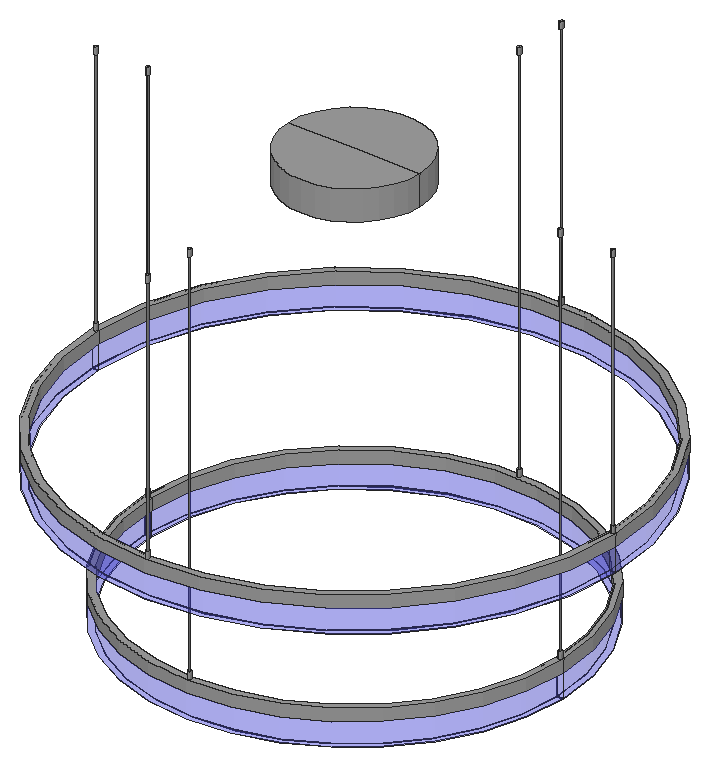
Revit family "Alcon-12272-2-32-40-Revit-Family", category Generic Models, host Ceiling, Revit 2025
Family settings
  Host = Ceiling
  Can host rebar = No
  Round Connector Dimension = Use Diameter
  Part Type = Normal
  Always vertical = Yes
  Cut with Voids When Loaded = No
  Maintain Annotation Orientation = No
  Shared = No
  Room Calculation Point = No
Parameters
  URL = "https://www.alconlighting.com/?srsltid=AfmBOooDPhGQ0dEP-X2PMtxFfvvWpIAEL4jCll_O2F4_to5onvhnBomy"
  Product Page = "https://www.alconlighting.com/redondo-12272-2.html"
  Model = "12272-2"
  Manufacturer = "Alcon Lighting"
  Lens = Glass
  Housing = Default
  Default Elevation = 0' - 0"
Reference planes (in)
  plane 1 "Center (Front/Back)": y = 0
  plane 2 "Ceiling": z = 96
  plane 3 "Center (Left/Right)": x = 0
Forms (in)
  Revolve 1, solid, material "Default" <- "Housing"
    sketch origin (0, 0, 0) x (1, 0, 0) y (0, 0, 1)
      loop
        line (0, 96) -> (0, 93.75) -> (5, 93.75) -> (5, 96) -> (0, 96)
      axis (0, 96) -> (0, 93.75)
    angle from 0 to 360
  Revolve 2, solid, material "Default" <- "Housing"
    sketch origin (0, 0, 0) x (1, 0, 0) y (0, 0, 1)
      loop
        line (15.5, 66.65) -> (15.5, 65.72813) -> (15.5625, 65.72813) -> (15.5625, 66.5875) -> (15.9375, 66.5875) -> (15.9375, 65.72813) -> (16, 65.72813) -> (16, 66.65) -> (15.5, 66.65)
      axis (0, 65.72813) -> (0, 66.65)
    angle from 0 to 360
  Revolve 3, solid, material "Glass" <- "Lens"
    sketch origin (0, 0, 0) x (1, 0, 0) y (0, 0, 1)
      loop
        line (15.5, 63.89) -> (16, 63.89) -> (16, 65.72813) -> (15.96875, 65.72813) -> (15.96875, 63.92125) -> (15.53125, 63.92125) -> (15.53125, 65.72813) -> (15.5, 65.72813) -> (15.5, 63.89)
      axis (0, 63.89) -> (0, 65.72813)
    angle from 0 to 360
  Revolve 4, solid, material "Default" <- "Housing"
    sketch origin (0, -28.29728, 0) x (0, 1, 0) y (0, 0, 1)
      loop
        line (12.55011, 66.65) -> (12.67511, 66.65) -> (12.67511, 67.1208) -> (12.55011, 67.1208) -> (12.55011, 66.65)
      axis (12.55011, 67.1208) -> (12.55011, 66.65)
    angle from 0 to 360
  Extrusion 5, solid, material "Default" <- "Housing"
    sketch origin (0, -15.74728, 92.90344) x (0, 1, 0) y (1, 0, 0)
      loop
        circle (0, 0) r 0.04922
    from -2.62576 to 25.78265
  Revolve 6, solid, material "Default" <- "Housing"
    sketch origin (0, -28.29728, 28.8792) x (0, 1, 0) y (0, 0, 1)
      loop
        line (12.55011, 66.65) -> (12.67511, 66.65) -> (12.67511, 67.1208) -> (12.55011, 67.1208) -> (12.55011, 66.65)
      axis (12.55011, 67.1208) -> (12.55011, 66.65)
    angle from 0 to 360
  Revolve 7, solid, material "Default" <- "Housing"
    sketch origin (0, 3.19587, 0) x (0, 1, 0) y (0, 0, 1)
      loop
        line (12.55011, 66.65) -> (12.67511, 66.65) -> (12.67511, 67.1208) -> (12.55011, 67.1208) -> (12.55011, 66.65)
      axis (12.55011, 67.1208) -> (12.55011, 66.65)
    angle from 0 to 360
  Extrusion 8, solid, material "Default" <- "Housing"
    sketch origin (0, 15.74587, 92.90344) x (0, 1, 0) y (1, 0, 0)
      loop
        circle (0, 0) r 0.04922
    from -2.62576 to 25.78265
  Revolve 9, solid, material "Default" <- "Housing"
    sketch origin (0, 3.19587, 28.8792) x (0, 1, 0) y (0, 0, 1)
      loop
        line (12.55011, 66.65) -> (12.67511, 66.65) -> (12.67511, 67.1208) -> (12.55011, 67.1208) -> (12.55011, 66.65)
      axis (12.55011, 67.1208) -> (12.55011, 66.65)
    angle from 0 to 360
  Revolve 10, solid, material "Default" <- "Housing"
    sketch origin (15.73156, -12.55011, 0) x (0, 1, 0) y (0, 0, 1)
      loop
        line (12.55011, 66.65) -> (12.67511, 66.65) -> (12.67511, 67.1208) -> (12.55011, 67.1208) -> (12.55011, 66.65)
      axis (12.55011, 67.1208) -> (12.55011, 66.65)
    angle from 0 to 360
  Extrusion 11, solid, material "Default" <- "Housing"
    sketch origin (15.73156, -0.00011, 92.90344) x (0, 1, 0) y (1, 0, 0)
      loop
        circle (0, 0) r 0.04922
    from -2.62576 to 25.78265
  Revolve 12, solid, material "Default" <- "Housing"
    sketch origin (15.73156, -12.55011, 28.8792) x (0, 1, 0) y (0, 0, 1)
      loop
        line (12.55011, 66.65) -> (12.67511, 66.65) -> (12.67511, 67.1208) -> (12.55011, 67.1208) -> (12.55011, 66.65)
      axis (12.55011, 67.1208) -> (12.55011, 66.65)
    angle from 0 to 360
  Revolve 13, solid, material "Default" <- "Housing"
    sketch origin (-15.7654, -12.55011, 0) x (0, 1, 0) y (0, 0, 1)
      loop
        line (12.55011, 66.65) -> (12.67511, 66.65) -> (12.67511, 67.1208) -> (12.55011, 67.1208) -> (12.55011, 66.65)
      axis (12.55011, 67.1208) -> (12.55011, 66.65)
    angle from 0 to 360
  Extrusion 14, solid, material "Default" <- "Housing"
    sketch origin (-15.7654, -0.00011, 92.90344) x (0, 1, 0) y (1, 0, 0)
      loop
        circle (0, 0) r 0.04922
    from -2.62576 to 25.78265
  Revolve 15, solid, material "Default" <- "Housing"
    sketch origin (-15.7654, -12.55011, 28.8792) x (0, 1, 0) y (0, 0, 1)
      loop
        line (12.55011, 66.65) -> (12.67511, 66.65) -> (12.67511, 67.1208) -> (12.55011, 67.1208) -> (12.55011, 66.65)
      axis (12.55011, 67.1208) -> (12.55011, 66.65)
    angle from 0 to 360
  Revolve 16, solid, material "Default" <- "Housing"
    sketch origin (0, 0, 10) x (1, 0, 0) y (0, 0, 1)
      loop
        line (19.5, 66.65) -> (19.5, 65.72813) -> (19.5625, 65.72813) -> (19.5625, 66.5875) -> (19.9375, 66.5875) -> (19.9375, 65.72813) -> (20, 65.72813) -> (20, 66.65) -> (19.5, 66.65)
      axis (0, 65.72813) -> (0, 66.65)
    angle from 0 to 360
  Revolve 17, solid, material "Glass" <- "Lens"
    sketch origin (0, 0, 10) x (1, 0, 0) y (0, 0, 1)
      loop
        line (19.5, 63.89) -> (20, 63.89) -> (20, 65.72813) -> (19.96875, 65.72813) -> (19.96875, 63.92125) -> (19.53125, 63.92125) -> (19.53125, 65.72813) -> (19.5, 65.72813) -> (19.5, 63.89)
      axis (0, 63.89) -> (0, 65.72813)
    angle from 0 to 360
  Revolve 18, solid, material "Default" <- "Housing"
    sketch origin (-19.7654, -12.55011, 10) x (0, 1, 0) y (0, 0, 1)
      loop
        line (12.55011, 66.65) -> (12.67511, 66.65) -> (12.67511, 67.1208) -> (12.55011, 67.1208) -> (12.55011, 66.65)
      axis (12.55011, 67.1208) -> (12.55011, 66.65)
    angle from 0 to 360
  Extrusion 19, solid, material "Default" <- "Housing"
    sketch origin (-19.7654, -0.00011, 102.90344) x (0, 1, 0) y (1, 0, 0)
      loop
        circle (0, 0) r 0.04922
    from 7.37424 to 25.78265
  Revolve 20, solid, material "Default" <- "Housing"
    sketch origin (-19.7654, -12.55011, 28.8792) x (0, 1, 0) y (0, 0, 1)
      loop
        line (12.55011, 66.65) -> (12.67511, 66.65) -> (12.67511, 67.1208) -> (12.55011, 67.1208) -> (12.55011, 66.65)
      axis (12.55011, 67.1208) -> (12.55011, 66.65)
    angle from 0 to 360
  Revolve 21, solid, material "Default" <- "Housing"
    sketch origin (-15.7654, -12.55011, 0) x (0, 1, 0) y (0, 0, 1)
      loop
        line (12.55011, 66.65) -> (12.67511, 66.65) -> (12.67511, 67.1208) -> (12.55011, 67.1208) -> (12.55011, 66.65)
      axis (12.55011, 67.1208) -> (12.55011, 66.65)
    angle from 0 to 360
  Extrusion 22, solid, material "Default" <- "Housing"
    sketch origin (-15.7654, -0.00011, 92.90344) x (0, 1, 0) y (1, 0, 0)
      loop
        circle (0, 0) r 0.04922
    from -2.62576 to 25.78265
  Revolve 23, solid, material "Default" <- "Housing"
    sketch origin (-15.7654, -12.55011, 28.8792) x (0, 1, 0) y (0, 0, 1)
      loop
        line (12.55011, 66.65) -> (12.67511, 66.65) -> (12.67511, 67.1208) -> (12.55011, 67.1208) -> (12.55011, 66.65)
      axis (12.55011, 67.1208) -> (12.55011, 66.65)
    angle from 0 to 360
  Revolve 24, solid, material "Default" <- "Housing"
    sketch origin (19.7346, -12.55011, 10) x (0, 1, 0) y (0, 0, 1)
      loop
        line (12.55011, 66.65) -> (12.67511, 66.65) -> (12.67511, 67.1208) -> (12.55011, 67.1208) -> (12.55011, 66.65)
      axis (12.55011, 67.1208) -> (12.55011, 66.65)
    angle from 0 to 360
  Extrusion 25, solid, material "Default" <- "Housing"
    sketch origin (19.7346, -0.00011, 102.90344) x (0, 1, 0) y (1, 0, 0)
      loop
        circle (0, 0) r 0.04922
    from 7.37424 to 25.78265
  Revolve 26, solid, material "Default" <- "Housing"
    sketch origin (19.7346, -12.55011, 28.8792) x (0, 1, 0) y (0, 0, 1)
      loop
        line (12.55011, 66.65) -> (12.67511, 66.65) -> (12.67511, 67.1208) -> (12.55011, 67.1208) -> (12.55011, 66.65)
      axis (12.55011, 67.1208) -> (12.55011, 66.65)
    angle from 0 to 360
  Revolve 27, solid, material "Default" <- "Housing"
    sketch origin (0, 7.19989, 10) x (0, 1, 0) y (0, 0, 1)
      loop
        line (12.55011, 66.65) -> (12.67511, 66.65) -> (12.67511, 67.1208) -> (12.55011, 67.1208) -> (12.55011, 66.65)
      axis (12.55011, 67.1208) -> (12.55011, 66.65)
    angle from 0 to 360
  Extrusion 28, solid, material "Default" <- "Housing"
    sketch origin (0, 19.74989, 102.90344) x (0, 1, 0) y (1, 0, 0)
      loop
        circle (0, 0) r 0.04922
    from 7.37424 to 25.78265
  Revolve 29, solid, material "Default" <- "Housing"
    sketch origin (0, 7.19989, 28.8792) x (0, 1, 0) y (0, 0, 1)
      loop
        line (12.55011, 66.65) -> (12.67511, 66.65) -> (12.67511, 67.1208) -> (12.55011, 67.1208) -> (12.55011, 66.65)
      axis (12.55011, 67.1208) -> (12.55011, 66.65)
    angle from 0 to 360
  Revolve 30, solid, material "Default" <- "Housing"
    sketch origin (0, -32.30011, 10) x (0, 1, 0) y (0, 0, 1)
      loop
        line (12.55011, 66.65) -> (12.67511, 66.65) -> (12.67511, 67.1208) -> (12.55011, 67.1208) -> (12.55011, 66.65)
      axis (12.55011, 67.1208) -> (12.55011, 66.65)
    angle from 0 to 360
  Extrusion 31, solid, material "Default" <- "Housing"
    sketch origin (0, -19.75011, 102.90344) x (0, 1, 0) y (1, 0, 0)
      loop
        circle (0, 0) r 0.04922
    from 7.37424 to 25.78265
  Revolve 32, solid, material "Default" <- "Housing"
    sketch origin (0, -32.30011, 28.8792) x (0, 1, 0) y (0, 0, 1)
      loop
        line (12.55011, 66.65) -> (12.67511, 66.65) -> (12.67511, 67.1208) -> (12.55011, 67.1208) -> (12.55011, 66.65)
      axis (12.55011, 67.1208) -> (12.55011, 66.65)
    angle from 0 to 360
Dimensions and locks (in)
  equal spacing: host sketch curve, plane 3 "Center (Left/Right)", host sketch curve
  equal spacing: host sketch curve, plane 1 "Center (Front/Back)", host sketch curve
  host sketch curve to host sketch curve = 10' - 0"  (x2)
  aligned and locked: Extrusion 5 to Revolve 4
  aligned and locked: Revolve 6 to Extrusion 5
  aligned and locked: Extrusion 8 to Revolve 7
  aligned and locked: Revolve 9 to Extrusion 8
  aligned and locked: Extrusion 11 to Revolve 10
  aligned and locked: Revolve 12 to Extrusion 11
  aligned and locked: Extrusion 14 to Revolve 13
  aligned and locked: Extrusion 19 to Revolve 18
  aligned and locked: Revolve 20 to Extrusion 19
  aligned and locked: Extrusion 22 to Revolve 21
  aligned and locked: Extrusion 25 to Revolve 24
  aligned and locked: Revolve 26 to Extrusion 25
  aligned and locked: Extrusion 28 to Revolve 27
  aligned and locked: Revolve 29 to Extrusion 28
  aligned and locked: Extrusion 31 to Revolve 30
  aligned and locked: Revolve 32 to Extrusion 31
